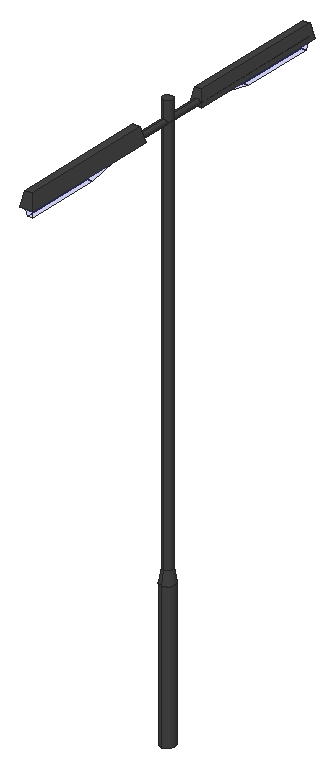
Revit family
Parameters
  Material Lamp Post = Paint - Black Matte
  Material Lamp Glazing = Glass
  Height = 6000 mm
  Base Height = 1500 mm
  Arm Length = 1800 mm
Reference planes
  plane 1 "Light Source Axis (F/B)": y = 0
  plane 2: z = 0
  plane 3 "Light Source Axis (L/R)": x = 43.565
  plane 4 "Light Source Elevation": z = 5670
  plane 5: z = 1500
  plane 6: x = -6.435
  plane 7: x = 93.565
  plane 8: z = 1640
  plane 9: y = -1800
  plane 10: x = 43.565
  plane 11: z = 5800
  plane 12: y = -620
  plane 13: y = 1800
  plane 14: z = 6000
  plane 15: y = 1350
  plane 16: y = -1350
Forms (mm)
  Extrusion 1, solid, material "Paint - Black Matte" <- "Material Lamp Post"
    sketch origin (0, 0, 1500) x (0, -1, 0) y (-1, 0, 0)
      loop
        circle (0, -43.565) r 50
    from -140 to -4500
  Blend 2, solid, material "Paint - Black Matte" <- "Material Lamp Post"
    base sketch origin (0, 0, 1500) x (0, -1, 0) y (1, 0, 0)
      loop
        circle (0, 43.565) r 75
    top sketch origin (0, 0, 1500) x (0, -1, 0) y (1, 0, 0)
      loop
        circle (0, 43.565) r 50
    from 0 to 140
  Extrusion 3, solid, material "Paint - Black Matte" <- "Material Lamp Post"
    sketch origin (0, 0, 1500) x (0, -1, 0) y (-1, 0, 0)
      loop
        circle (0, -43.565) r 75
    from 0 to 1500
  Extrusion 4, solid, material "Paint - Black Matte" <- "Material Lamp Post"
    sketch origin (0, -1600, 0) x (0, 0, -1) y (1, 0, 0)
      loop
        circle (-5800, 43.565) r 30
    from 200 to -3400
  Blend 5, solid, material "Paint - Black Matte" <- "Material Lamp Post"
    base sketch origin (0, 0, 5800) x (0, 1, 0) y (-1, 0, 0)
      loop
        line (-370, -111.065) -> (-370, 23.935) -> (-1830, 23.935) -> (-1830, -111.065) -> (-370, -111.065)
    top sketch origin (0, 0, 5800) x (0, 1, 0) y (-1, 0, 0)
      loop
        line (-400, -6.065) -> (-1800, -6.065) -> (-1800, -81.065) -> (-400, -81.065) -> (-400, -6.065)
    from -30 to 119.26
  Blend 6, solid, material "Glass" <- "Material Lamp Glazing"
    base sketch origin (0, 0, 5800) x (0, 1, 0) y (-1, 0, 0)
      loop
        line (-620, -6.065) -> (-1800, -6.065) -> (-1800, -81.065) -> (-620, -81.065) -> (-620, -6.065)
    top sketch origin (0, 0, 5800) x (0, 1, 0) y (-1, 0, 0)
      loop
        line (-1000, -18.565) -> (-1775, -18.565) -> (-1775, -68.565) -> (-1000, -68.565) -> (-1000, -18.565)
    from -30 to -130
  Blend 7, solid, material "Paint - Black Matte" <- "Material Lamp Post"
    base sketch origin (551.971, -25.008, 9800) x (0, -1, 0) y (1, 0, 0)
      loop
        line (-395, -571.065) -> (-395, -445.747) -> (-1855, -445.747) -> (-1855, -571.065) -> (-395, -571.065)
    top sketch origin (551.971, -25.008, 9800) x (0, -1, 0) y (1, 0, 0)
      loop
        line (-425.008, -470.906) -> (-1825.008, -470.906) -> (-1825.008, -545.906) -> (-425.008, -545.906) -> (-425.008, -470.906)
    from -4030 to -3880.74
  Blend 8, solid, material "Glass" <- "Material Lamp Glazing"
    base sketch origin (0, 3500, 9800) x (0, 1, 0) y (-1, 0, 0)
      loop
        line (-1700, -6.065) -> (-2880, -6.065) -> (-2880, -81.065) -> (-1700, -81.065) -> (-1700, -6.065)
    top sketch origin (0, 3500, 9800) x (0, 1, 0) y (-1, 0, 0)
      loop
        line (-1725, -18.565) -> (-2475, -18.565) -> (-2475, -68.565) -> (-1725, -68.565) -> (-1725, -18.565)
    from -4030 to -4130
Dimensions and locks
  "Base Height": plane 5 to plane 2
  locked: plane 8 to plane 5 at 140
  "Arm Length": plane 9 to plane 1 "Light Source Axis (F/B)"
  equal spacing: Blend 5 sketch curve, plane 3 "Light Source Axis (L/R)", Blend 5 sketch curve  (x2)
  Blend 5 sketch curve to Blend 5 sketch curve = 135 mm
  locked: Blend 5 sketch curve to Blend 5 sketch curve at 75
  plane 9 to plane 12 = 1180 mm
  equal spacing: Blend 6 sketch curve, plane 3 "Light Source Axis (L/R)", Blend 6 sketch curve  (x2)
  locked: Blend 6 sketch curve to Blend 6 sketch curve at 75
  Blend 6 sketch curve to Blend 6 sketch curve = 50 mm
  Blend 6 sketch curve to var sketch = 380 mm
  plane 9 to Blend 5 sketch curve = 1430 mm
  plane 9 to Blend 5 sketch curve = 1400 mm
  Blend 7 sketch curve to Blend 7 sketch curve = 125.318 mm
  locked: Blend 7 sketch curve to Blend 7 sketch curve at 75
  "Arm Length": plane 13 to plane 1 "Light Source Axis (F/B)"
  locked: Blend 8 sketch curve to Blend 8 sketch curve at 75
  Blend 8 sketch curve to Blend 8 sketch curve = 50 mm
  Blend 7 sketch curve to plane 13 = 1430.008 mm
  equal spacing: Blend 7 sketch curve, plane 3 "Light Source Axis (L/R)", Blend 7 sketch curve  (x2)
  Blend 8 sketch curve to plane 13 = 1180 mm
  equal spacing: Blend 8 sketch curve, plane 3 "Light Source Axis (L/R)", Blend 8 sketch curve  (x2)
  Blend 7 sketch curve to plane 13 = 1400 mm
  Blend 7 sketch curve to plane 13 = 29.992 mm
  Blend 8 sketch curve to plane 13 = 0 mm
  Blend 7 to plane 11 to Blend 7 = 119.26 mm locked, 30 mm locked
  locked: Blend 8 to Blend 7 at 100
  Blend 8 sketch curve to Blend 8 sketch curve to plane 13 = 750 mm, 25 mm
  plane 4 "Light Source Elevation" to Blend 8 = 0 mm
  "Height": plane 14 to level
  locked: plane 14 to plane 11 at 200
  locked: plane 14 to plane 4 "Light Source Elevation" at 330
  locked: plane 13 to plane 15 at 450
  locked: plane 16 to plane 9 at 450
  aligned and locked: plane 8 to Extrusion 1
  aligned and locked: Extrusion 3 to level
  aligned and locked: plane 9 to Extrusion 4
  aligned and locked: Extrusion 4 to plane 13
  aligned and locked: Blend 7 sketch curve to plane 13
  aligned and locked: plane 13 to Blend 8 sketch curve
  aligned and locked: Blend 8 to Blend 5
  aligned and locked: Blend 8 to Blend 7
  aligned and locked: plane 14 to Extrusion 1
  aligned and locked: Blend 8 to plane 4 "Light Source Elevation"
  aligned and locked: plane 16 to nested 2
  aligned and locked: nested 1 to plane 15
  aligned and locked: plane 3 "Light Source Axis (L/R)" to nested 1
  aligned and locked: nested 2 to plane 3 "Light Source Axis (L/R)"
  aligned and locked: nested 1 to plane 4 "Light Source Elevation"
  aligned and locked: plane 4 "Light Source Elevation" to nested 2
Automatic sketch dimensions
  Extrusion 1 sketch curve to plane 1 "Light Source Axis (F/B)" = 0 mm
  Extrusion 1 sketch curve to plane 3 "Light Source Axis (L/R)" = 0 mm
  Blend 2 sketch curve to plane 1 "Light Source Axis (F/B)" = 0 mm  (x2)
  Blend 2 sketch curve to plane 3 "Light Source Axis (L/R)" = 0 mm  (x2)
  Extrusion 3 sketch curve to plane 1 "Light Source Axis (F/B)" = 0 mm
  Extrusion 3 sketch curve to plane 3 "Light Source Axis (L/R)" = 0 mm
  plane 9 to Blend 5 sketch curve = 30 mm
  Blend 6 sketch curve to plane 9 = 0 mm
  Blend 6 sketch curve to plane 12 = 0 mm
  Blend 5 sketch curve to plane 9 = 0 mm
  Blend 6 sketch curve to plane 9 = 25 mm
  Blend 7 sketch curve to plane 3 "Light Source Axis (L/R)" = 62.659 mm
  Blend 8 sketch curve to plane 3 "Light Source Axis (L/R)" = 25 mm
  Extrusion 4 sketch curve to plane 3 "Light Source Axis (L/R)" = 0 mm
  Extrusion 4 sketch curve to plane 11 = 0 mm
  radius of Extrusion 1 sketch curve = 50 mm
  radius of Blend 2 sketch curve = 75 mm
  radius of Blend 2 sketch curve = 50 mm
  radius of Extrusion 3 sketch curve = 75 mm
  radius of Extrusion 4 sketch curve = 30 mm
Nested families
  nested 1: "Light Source" at (43.565, 1350, 5670), type "250W"
  nested 2: "Light Source" at (43.565, -1350, 5670), type "250W"
Definition of nested family "Light Source"
  Parameters (values of type "250W")
    Wattage = 250 W
    built-in parameter 1150110 = 1 (stored number, unit not read)
    built-in parameter 1114217 = 1 (stored number, unit not read)
    built-in parameter 1150109 = 1 (stored number, unit not read)
    built-in parameter 1150134 = 3
    built-in parameter 1150113 = 1 (stored number, unit not read)
    Lumens = 4500 lm
    built-in parameter 1150115 = 1 (stored number, unit not read)
    built-in parameter 1150105 = 1432.4 (stored number, unit not read)
    Light Source Symbol Size = 609.6 mm
    built-in parameter 1150137 = (empty or 0)
    built-in parameter 1150139 = (empty or 0)
    built-in parameter 1150112 = 1 (stored number, unit not read)
    built-in parameter 1150114 = 1 (stored number, unit not read)
    built-in parameter 1150132 = (empty or 0)
    built-in parameter 1150102 = (empty or 0)
    built-in parameter 1150138 = (empty or 0)
    built-in parameter 1150107 = 3200 (stored number, unit not read)
    built-in parameter 1150106 = 14.324 (stored number, unit not read)
    built-in parameter 1150104 = 1.6723 (stored number, unit not read)
    Dimming Lamp Color Temperature Shift = (empty or 0)
    Color Filter = 16777215
    built-in parameter 1114218 = 1 (stored number, unit not read)
    built-in parameter 1150133 = 10 (stored number, unit not read)
    Assembly Code = ""
  Reference planes
    plane 1 "Light Source Axis (F/B)": y = 0
    plane 2: z = 0
    plane 3 "Light Source Axis (L/R)": x = 0
    plane 4 "Light Source Elevation": z = 0
    plane 5: x = 0
  Lines and regions (mm)
    reference lines
      curve 1: line (-880, 0, 0) -> (1700, 0, 0)
      curve 2: line (0, 1400, 0) -> (0, -800, 0)
  Dimensions and locks
    aligned and locked: plane 3 "Light Source Axis (L/R)" to imposter light
    aligned and locked: plane 1 "Light Source Axis (F/B)" to imposter light
    aligned and locked: plane 4 "Light Source Elevation" to imposter light
    aligned and locked: plane 4 "Light Source Elevation" to plane 2
    aligned and locked: plane 1 "Light Source Axis (F/B)" to curve 1
    aligned and locked: curve 2 to plane 5
